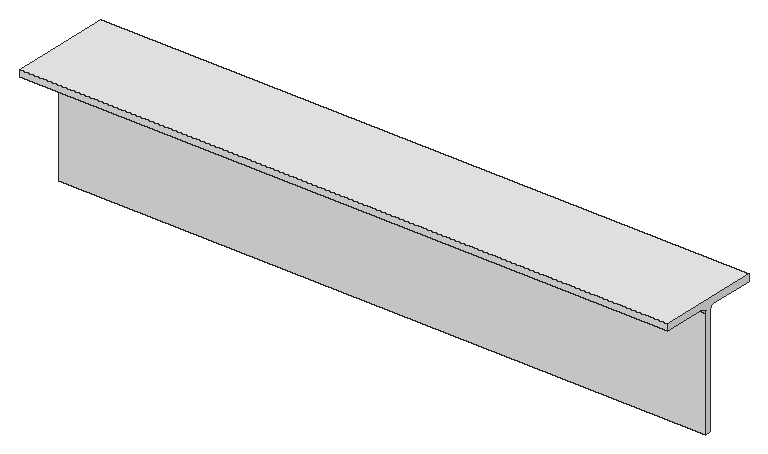
Revit family
Parameters (values of type "TUB191x229x34")
  Start Extension Calculation [instance] = 3012.5 mm + Start Extension  # 3000 mm
  Start Extension [instance] = -12.5 mm
  End Extension Calculation [instance] = 3012.5 mm + End Extension  # 3000 mm
  End Extension [instance] = -12.5 mm
  Beam Material [instance] = Metal - Steel - 345 MPa
  Assembly Code = ""
  A = 0.004 m²
  Length [instance] = 1500 mm
  W = 0.33343
  bf = 189.9 mm
  d = 226.8 mm
  k = 22.9 mm
  kr = k - tf  # 10.2 mm
  tf = 12.7 mm
  tw = 8.5 mm
Reference planes
  plane 1 "Center (Front/Back)": y = 0
  plane 2: z = 0
  plane 3 "Center (Left/Right)": x = 4.61
  plane 4 "Member Left": x = -604.99
  plane 5 "Member Right": x = 614.21
  plane 6: y = 94.95
  plane 7: y = -94.95
  plane 8 "Top": z = 113.4
  plane 9: z = -113.4
  plane 10 "Left": x = -757.39
  plane 11 "Right": x = 742.61
  plane 12: x = -604.99
  plane 13: x = 614.21
  plane 14: x = 2395.01
  plane 15: x = -2385.79
Forms (mm)
  Sweep 1, solid, material "Metal - Steel - 345 MPa" <- "Beam Material", detail levels medium
    path origin (0, 0, 0) x (1, 0, 0) y (0, 1, 0)
      loop
        line (614.21, 0) -> (-604.99, 0)
    profile "M_Structural Tee-Profile-Medium : M_Structural Tee-Profile-Medium" origin (4.61, 0, 0) x (0, -1, 0) y (0, 0, 1)
      loop
        line (-94.95, 113.4) -> (-94.95, 100.7) -> (-4.25, 100.7) -> (-4.25, -113.4) -> (4.25, -113.4) -> (4.25, 100.7) -> (94.95, 100.7) -> (94.95, 113.4) -> (-94.95, 113.4)
  Sweep 2, solid, material "Metal - Steel - 345 MPa" <- "Beam Material", detail levels fine
    path origin (0, 0, 0) x (1, 0, 0) y (0, 1, 0)
      loop
        line (614.21, 0) -> (-604.99, 0)
    profile "M_Structural Tee-Profile-Fine : M_Structural Tee-Profile-Fine" origin (4.61, 0, 0) x (0, -1, 0) y (0, 0, 1)
      loop
        line (-94.95, 113.4) -> (-94.95, 100.7) -> (-14.45, 100.7)
        arc (-14.45, 100.7) -> (-7.238, 97.712) -> (-4.25, 90.5) r 10.2
        line (-4.25, 90.5) -> (-4.25, -113.4) -> (4.25, -113.4) -> (4.25, 90.5)
        arc (4.25, 90.5) -> (7.238, 97.712) -> (14.45, 100.7) r 10.2
        line (14.45, 100.7) -> (94.95, 100.7) -> (94.95, 113.4) -> (-94.95, 113.4)
Lines and regions (mm)
  symbolic lines, style "Hidden Faces", detail levels medium+fine
    curve 1: line (614.21, -2.5, 0) -> (-604.99, -2.5, 0)
    curve 2: line (614.21, 2.5, 0) -> (-604.99, 2.5, 0)
  symbolic lines, style "Stick Symbols", detail levels coarse
    curve 3: line (4.61, 94.95, 113.4) -> (4.61, -94.95, 113.4)
    curve 4: line (4.61, 0, 113.4) -> (4.61, 0, -113.4)
Dimensions and locks
  "bf": plane 6 to plane 7
  "d": plane 9 to plane 8 "Top"
  equal spacing: plane 9, plane 2, plane 8 "Top"
  equal spacing: plane 6, plane 1 "Center (Front/Back)", plane 7
  "Length": plane 10 "Left" to plane 11 "Right"
  locked: plane 4 "Member Left" to plane 14 at 3000
  locked: plane 15 to plane 5 "Member Right" at 3000
  "End Extension Calculation": plane 15 to plane 13
  "Start Extension Calculation": plane 12 to plane 14
  aligned and locked: Sweep 1 sketch curve to plane 1 "Center (Front/Back)"
  aligned and locked: Sweep 2 sketch curve to plane 1 "Center (Front/Back)"
  aligned and locked: Sweep 2 to curve 3  (x2)
  aligned and locked: curve 4 to Sweep 1
  aligned and locked: curve 3 to Sweep 2
  aligned and locked: plane 12 to Sweep 2 sketch curve
  aligned and locked: plane 13 to Sweep 2 sketch curve
  aligned and locked: plane 12 to Sweep 1 sketch curve
  aligned and locked: plane 13 to Sweep 1 sketch curve
Automatic sketch dimensions
  curve 1 to plane 4 "Member Left" = 0 mm
  curve 2 to plane 4 "Member Left" = 0 mm
  curve 2 to plane 5 "Member Right" = 0 mm
  curve 1 to plane 5 "Member Right" = 0 mm
  plane 1 "Center (Front/Back)" to curve 1 = 2.5 mm
  curve 2 to plane 1 "Center (Front/Back)" = 2.5 mm
  curve 4 to plane 1 "Center (Front/Back)" = 0 mm
